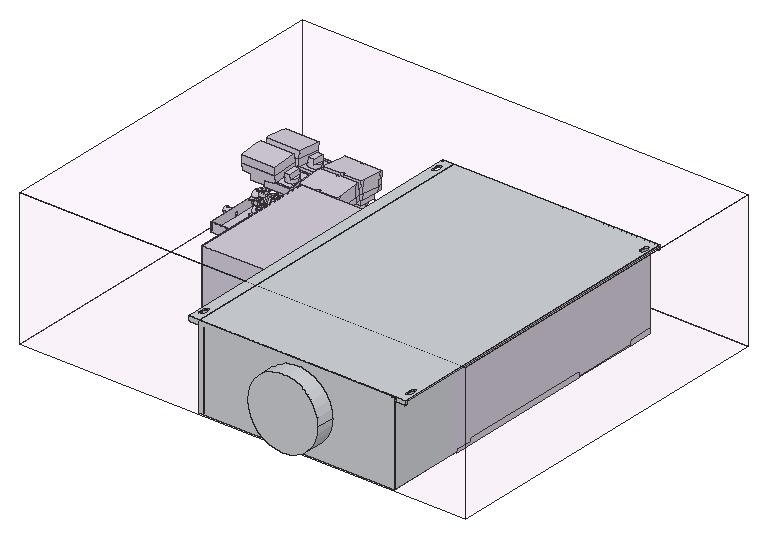
Revit family "02 - MAT235 - 200 DIS - Belimo ePIV Valves (With Bypass)", category Mechanical Equipment, host Ceiling, Revit 2018
Family settings
  Host = Ceiling
  Round Connector Dimension = Use Diameter
  Part Type = Normal
  OmniClass Number = 23.75.00.00
  OmniClass Title = Climate Control (HVAC)
  Always vertical = Yes
  Cut with Voids When Loaded = No
  Shared = No
  Room Calculation Point = No
Parameters (values of type "MAT235 - Size 100 LH")
  ∆P Htg Coil = 0.0 Pa
  ∆P Cooling Coil = 0.0 Pa
  Winter off Coil Temp. = 0 °C
  Winter Room Temp. = 0 °C
  Winter On Coil Temp. = 0 °C
  Winter Fresh Air Temp. = 0 °C
  URL = "http://www.abilityprojects.com/sites/www.abilityprojects.co.uk/files/EVO%20Brochure%20270235%20Jan%202013%20Ed4%20selection%20pages%20removed%20reduced_0.pdf"
  Temperature Controller = no
  Summer off Coil Temp. = 0 °C
  Summer Room Temp. = 0 °C
  Summer On Coil Temp. = 0 °C
  Summer Fresh Air Temp. = 0 °C
  Starting Method = "Soft Start"
  Discharge Spigot B In Use [instance] = no
  Intake Width = FCU Width - 86.00 mm  # 530.00 mm
  Intake Height = FCU Depth - 30.00 mm  # 205.00 mm
  Discharge Spigot A In Use [instance] = no
  Speed Selection Controller = no
  Specific Fan Power = 0
  Sound Transmission (NR) = 0
  Shipping Weight = 0.00 kg
  Room Air Temperature Sensor = no
  Right Side Clearance = if(RH Components Visible, Con Pan Length + 30.00 mm + Access Clearance Right, 10.00 mm)  # 10.00 mm
  Return Air Temperature Sensor = no
  RH Components Visible = no
  Product Model Number (Code) [instance] = ""
  Primary Filter = "G3"
  Pipe Connection Type = "Screw"
  Overall Width = FCU Width + Con Pan Length + 30.00 mm  # 1102.00 mm
  Overall Length = FCU Length  # 900.00 mm
  Overall Height = FCU Depth  # 235.00 mm
  Outlet Connection Width = 0.00 mm
  Outlet Connection Shape = "Circular"  # constant formula
  Outlet Connection Dia/Height = 200.00 mm  # constant formula
  Operating Weight = 0.00 kg
  No of Outlet Connections = 1
  Motor Type = "EC"
  Motor Enclosure Rating = "IP42"
  Model = "MAT235"  # constant formula
  Max Ext Press. = 0.0 Pa
  Mat Thickness Pos = 1.20 mm
  Mat Thickness Neg = -1 * Mat Thickness Pos  # -1.20 mm
  Manufacturer = "Ability Projects"
  Low Voltage Transformer = no
  Left Side Clearance = if(LH Components Visible, Con Pan Length + 30.00 mm + Access Clearance Left, 10.00 mm)  # 636.00 mm
  LTHW Coil Flow = 0.0 L/s
  LTHW Coil Connection Size = 15.00 mm
  LPHW Return Temp. = 0 °C
  LPHW Flow Temperature = 0 °C
  LH Components Visible = yes
  Internet Address = "http://www.abilityprojects.com"
  Inlet Plenum = no
  Inlet Connection Width = 0.00 mm
  Inlet Connection Shape = "N/A"
  Inlet Connection Dia/Height = 0.00 mm
  Incoming Supply Phase = 1
  Incoming Supply Electrical Voltage = 230 V
  Incoming Supply Electrical Frequency = 50 Hz
  Heating Coil Duty Range = 0 W
  Heating Coil Configuration [instance] = "LTHW"
  Heating Coil [instance] = yes
  Handing = "LH"
  Fan Type = "Double Inlet Centrifugal"
  FCU Width = 616.00 mm
  FCU Length = 900.00 mm
  FCU Drop [instance] = 150.00 mm
  FCU Depth = 235.00 mm  # constant formula
  Enclosure Height (Model) = Electrical Enclosure Height - Mat Thickness Pos  # 208.80 mm
  Enclosure Depth (Model) = Electrical Enclosure Depth - Mat Thickness Pos  # 213.80 mm
  Electrical Supply Current (Max) = 0 A
  Electrical Power Consumption = 0 W
  Electrical Enclosure Width = 350.00 mm
  Electrical Enclosure Height = 210.00 mm
  Electrical Enclosure Depth = 215.00 mm
  Earth Connector = yes
  Drain Cut Size = Drain Connection Size - 2.00 mm  # 13.00 mm
  Drain Connection Size = 15.00 mm
  Description = "Ceiling Mounted 235mm Deep Horizontal Fan Coil Unit"  # constant formula
  DS_B [instance] = if(S_No > 1, Discharge Spigot B In Use, if(and(S_No = 1, not(Discharge Spigot A In Use)), Discharge Spigot B In Use, 1 = 0))  # no
  DS_A [instance] = if(S_No > 1, Discharge Spigot A In Use, if(and(S_No = 1, not(Discharge Spigot B In Use)), Discharge Spigot A In Use, 1 = 0))  # no
  DS_5 [instance] = if(S_No < 5, 1 = 0, if(and(S_No = 5, DS_B), 1 = 0, 1 = 1))  # no
  DS_4 [instance] = if(S_No < 4, 1 = 0, if(and(S_No = 4, DS_B), 1 = 0, 1 = 1))  # no
  DS_3 [instance] = if(S_No < 3, 1 = 0, if(and(S_No = 3, DS_B), 1 = 0, 1 = 1))  # no
  DS_2 [instance] = if(S_No < 2, 1 = 0, if(and(S_No = 2, DS_B), 1 = 0, 1 = 1))  # no
  DS_1 [instance] = if(or(S_No < 1, DS_A), 1 = 0, if(and(S_No = 1, DS_B), 1 = 0, 1 = 1))  # yes
  Cooling Coil Duty (Total) = 0 W
  Cooling Coil Duty (Sensible) = 0 W
  Cooling Coil [instance] = yes
  Controls Connection = no
  Control Valves & Actuators = no
  Configuration = "Horizontal"
  Condensate Tray = yes
  Condensate Lift Pump [instance] = no
  Condensate Drain Max Flow = 0.0 L/s
  Condensate Drain Connection Size = Drain Connection Size  # 15.00 mm
  Con Pan Length = 156.00 mm + Con Pan Extension  # 456.00 mm
  Con Pan Extension = 300.00 mm  # constant formula
  Circular Spigot Spacing = round(((FCU Width - 60.00 mm) / S_No) / 5.00 mm) * 5.00 mm  # 555.00 mm
  Circular Spigot Position = if(S_No < 2, (FCU Width / 2), (FCU Width - (Circular Spigot Spacing * (S_No - 1))) / 2)  # 308.00 mm
  S_No = No of Outlet Connections  # 1
  Ch.W Coil Flow = 0.0 L/s
  Ch.W Coil Connection Size = 15.00 mm
  CHW Return Temp. = 0 °C
  CHW Flow Temp. = 0 °C
  BMS Addressable Controller = no
  Assembly Code = "D3050100"
  Air Flow Rate = 0.0 L/s
  Access Clearance Visible [instance] = yes
  Access Clearance Top = 0.00 mm
  Access Clearance Right = 150.00 mm
  Access Clearance Rear = 300.00 mm
  Access Clearance Left = 150.00 mm
  Access Clearance Front = 300.00 mm
  Access Clearance Bottom = 150.00 mm
Reference planes
  plane 1 "Center (Front/Back)": y = 0
  plane 2: z = 0
  plane 3 "Center (Left/Right)": x = 0
  plane 4 "Ceiling": z = 4000
  plane 5 "FCU Front": y = -450
  plane 6 "FCU End": y = 450
  plane 7 "FCU Left Side": x = -308
  plane 8 "FCU Right Side": x = 308
  plane 9 "Back Panel": z = 3850
  plane 10 "Access Panel": z = 3615
  plane 11: z = 3848.8
  plane 12 "Chassis Left": x = -278
  plane 13 "Chassis Right": x = 278
  plane 14 "Coil (Filter Side)": y = 377
  plane 15 "Coil (Fan Side)": y = 200
  plane 16 "Discharge Plenum": y = -240
  plane 17: y = 288.5
  plane 18 "Coil CLG": y = 321.5
  plane 19 "Coil HTG": y = 255.5
  plane 20 "Coil RET": z = 3715
  plane 21 "Coil FLOW": z = 3675
  plane 22: x = -388
  plane 23: x = -764
  plane 24: x = 388
  plane 25: x = 764
  plane 26: z = 3465
  plane 27: x = 0
  plane 28 "Spigot Centre Plan": z = 3732.5
Forms (mm)
  Extrusion 1, solid
    sketch origin (0, 0, 0) x (1, 0, 0) y (0, 1, 0)
      loop
        line (-308, 450) -> (-308, -448.8) -> (308, -448.8) -> (308, 450) -> (-308, 450)
    from 3848.8 to 3850
  Extrusion 2, solid
    sketch origin (308, -448.8, 0) x (-1, 0, 0) y (0, 0, -1)
      loop
        line (0, -3850) -> (616, -3850) -> (616, -3842)
        arc (616, -3842) -> (614.536, -3838.464) -> (611, -3837) r 5
        line (611, -3837) -> (5, -3837)
        arc (5, -3837) -> (1.464, -3838.464) -> (0, -3842) r 5
        line (0, -3842) -> (0, -3850)
    from 0 to -1.2 <- "Mat Thickness Neg"
  Extrusion 3, solid
    sketch origin (-308, 450, 0) x (1, 0, 0) y (0, 0, -1)
      loop
        line (0, -3850) -> (616, -3850) -> (616, -3842)
        arc (616, -3842) -> (614.536, -3838.464) -> (611, -3837) r 5
        line (611, -3837) -> (5, -3837)
        arc (5, -3837) -> (1.464, -3838.464) -> (0, -3842) r 5
        line (0, -3842) -> (0, -3850)
    from 0 to -1.2 <- "Mat Thickness Neg"
  Extrusion 4, solid
    sketch origin (278, 0, 0) x (0, 1, 0) y (0, 0, 1)
      loop
        line (-447.6, 3848.8) -> (-447.6, 3837) -> (-448.8, 3837) -> (-448.8, 3616.2) -> (450, 3616.2) -> (450, 3837) -> (448.8, 3837) -> (448.8, 3848.8) -> (-447.6, 3848.8)
    from 0 to 1.2 <- "Mat Thickness Pos"
  Extrusion 5, solid
    sketch origin (-278, 0, 0) x (0, 1, 0) y (0, 0, 1)
      loop
        line (-447.6, 3848.8) -> (-447.6, 3837) -> (-448.8, 3837) -> (-448.8, 3616.2) -> (450, 3616.2) -> (450, 3837) -> (448.8, 3837) -> (448.8, 3848.8) -> (-447.6, 3848.8)
    from 0 to -1.2 <- "Mat Thickness Neg"
  Extrusion 6, solid
    sketch origin (278, -447.6, 3848.8) x (0, 1, 0) y (-1, 0, 0)
      loop
        line (896.4, 0) -> (0, 0) -> (0, -25)
        arc (0, -25) -> (1.464, -28.536) -> (5, -30) r 5
        line (5, -30) -> (891.4, -30)
        arc (891.4, -30) -> (894.936, -28.536) -> (896.4, -25) r 5
        line (896.4, -25) -> (896.4, 0)
    from 0 to -1.2 <- "Mat Thickness Neg"
  Extrusion 7, solid
    sketch origin (-278, -447.6, 3848.8) x (0, 1, 0) y (-1, 0, 0)
      loop
        line (0, 0) -> (896.4, 0) -> (896.4, 25)
        arc (896.4, 25) -> (894.936, 28.536) -> (891.4, 30) r 5
        line (891.4, 30) -> (5, 30)
        arc (5, 30) -> (1.464, 28.536) -> (0, 25) r 5
        line (0, 25) -> (0, 0)
    from 0 to -1.2
  Extrusion 8, solid
    sketch origin (279.2, 0, 0) x (0, 1, 0) y (0, 0, 1)
      loop
        line (-448.8, 3837) -> (-448.8, 3616.2) -> (450, 3616.2) -> (450, 3837) -> (448.8, 3837) -> (448.8, 3617.4) -> (-447.6, 3617.4) -> (-447.6, 3837) -> (-448.8, 3837)
    from 0 to -14
  Extrusion 9, solid
    sketch origin (-279.2, 0, 0) x (0, -1, 0) y (0, 0, 1)
      loop
        line (-450, 3837) -> (-450, 3616.2) -> (448.8, 3616.2) -> (448.8, 3837) -> (447.6, 3837) -> (447.6, 3617.4) -> (-448.8, 3617.4) -> (-448.8, 3837) -> (-450, 3837)
    from 0 to -14
  Extrusion 10, solid
    sketch origin (308, -448.8, 0) x (-1, 0, 0) y (0, 0, -1)
      loop
        arc (581, -3848.8) -> (584.536, -3847.336) -> (586, -3843.8) r 5
        line (586, -3843.8) -> (586, -3616.2) -> (30, -3616.2) -> (30, -3843.8)
        arc (30, -3843.8) -> (31.464, -3847.336) -> (35, -3848.8) r 5
        line (35, -3848.8) -> (581, -3848.8)
    from 0 to 1.2
  Extrusion 11, solid
    sketch origin (278, -448.8, 3616.2) x (0, 1, 0) y (1, 0, 0)
      loop
        line (208.8, -551) -> (208.8, -5)
        arc (208.8, -5) -> (207.336, -1.464) -> (203.8, 0) r 5
        line (203.8, 0) -> (-1.2, 0) -> (-1.2, -556) -> (203.8, -556)
        arc (203.8, -556) -> (207.336, -554.536) -> (208.8, -551) r 5
    from 0 to 1.2
  Extrusion 12, solid
    sketch origin (-273, -240, 3616.2) x (1, 0, 0) y (0, 0, -1)
      loop
        line (537.2, 1.2) -> (8.8, 1.2) -> (8.8, -13.8) -> (537.2, -13.8) -> (537.2, 1.2)
    from 0 to -1.2 <- "Mat Thickness Neg"
  Extrusion 13, solid
    sketch origin (278, -448.8, 3615) x (-1, 0, 0) y (0, 1, 0)
      loop
        line (557.2, 213.8) -> (557.2, 645.8) -> (-1.2, 645.8) -> (-1.2, 213.8) -> (557.2, 213.8)
    from 0 to -1.2
  Extrusion 14, solid
    sketch origin (-279.2, -235, 3615) x (1, 0, 0) y (0, 0, 1)
      loop
        line (15, 0) -> (543.4, 0) -> (543.4, 16) -> (15, 16) -> (15, 0)
    from 0 to 1.2 <- "Mat Thickness Pos"
  Extrusion 15, solid
    sketch origin (264.2, -235, 3631) x (-1, 0, 0) y (0, -1, 0)
      loop
        line (528.4, 0) -> (528.4, 7)
        arc (528.4, 7) -> (526.936, 10.536) -> (523.4, 12) r 5
        line (523.4, 12) -> (5, 12)
        arc (5, 12) -> (1.464, 10.536) -> (0, 7) r 5
        line (0, 7) -> (0, 0) -> (528.4, 0)
    from 0 to 1.2 <- "Mat Thickness Pos"
  Extrusion 16, solid
    sketch origin (279.2, 197, 3615) x (-1, 0, 0) y (0, 0, 1)
      loop
        line (15, 0) -> (543.4, 0) -> (543.4, 35) -> (15, 35) -> (15, 0)
    from 0 to 1.2 <- "Mat Thickness Pos"
  Extrusion 17, solid
    sketch origin (-264.2, 197, 3650) x (1, 0, 0) y (0, 1, 0)
      loop
        line (0, 1.2) -> (0, -7)
        arc (0, -7) -> (1.464, -10.536) -> (5, -12) r 5
        line (5, -12) -> (523.4, -12)
        arc (523.4, -12) -> (526.936, -10.536) -> (528.4, -7) r 5
        line (528.4, -7) -> (528.4, 1.2) -> (0, 1.2)
    from 0 to -1.2 <- "Mat Thickness Neg"
  Extrusion 18, solid
    sketch origin (279.2, -235, 3615) x (0, 1, 0) y (0, 0, 1)
      loop
        line (0, 0) -> (432, 0) -> (432, 10)
        arc (432, 10) -> (430.536, 13.536) -> (427, 15) r 5
        line (427, 15) -> (55, 15)
        arc (55, 15) -> (51.464, 13.536) -> (50, 10) r 5
        line (50, 10) -> (50, 8)
        arc (50, 8) -> (49.707, 7.293) -> (49, 7) r 1
        line (49, 7) -> (5, 7)
        arc (5, 7) -> (1.464, 5.536) -> (0, 2) r 5
        line (0, 2) -> (0, 0)
    from 0 to 1.2 <- "Mat Thickness Pos"
  Extrusion 19, solid
    sketch origin (278, -448.8, 3616.2) x (1, 0, 0) y (0, -1, 0)
      loop
        line (-557.2, -897.6) -> (1.2, -897.6) -> (1.2, -828.8) -> (-557.2, -828.8) -> (-557.2, -897.6)
    from 0 to 1.2
  Extrusion 20, solid
    sketch origin (279.2, 380, 3616.2) x (-1, 0, 0) y (0, 0, -1)
      loop
        line (543.4, 1.2) -> (15, 1.2) -> (15, -33.8) -> (543.4, -33.8) -> (543.4, 1.2)
    from 0 to 1.2 <- "Mat Thickness Pos"
  Extrusion 21, solid
    sketch origin (-279.2, 448.8, 3616.2) x (1, 0, 0) y (0, 0, -1)
      loop
        line (543.4, 1.2) -> (15, 1.2) -> (15, -12.8) -> (543.4, -12.8) -> (543.4, 1.2)
    from 0 to 1.2
  Extrusion 22, solid
    sketch origin (279.2, 448.8, 3616.2) x (0, -1, 0) y (0, 0, -1)
      loop
        line (68.8, -8.8) -> (68.8, 1.2) -> (0, 1.2) -> (0, -8.8)
        arc (0, -8.8) -> (1.464, -12.336) -> (5, -13.8) r 5
        line (5, -13.8) -> (63.8, -13.8)
        arc (63.8, -13.8) -> (67.336, -12.336) -> (68.8, -8.8) r 5
    from 0 to 1.2 <- "Mat Thickness Pos"
  Extrusion 23, solid
    sketch origin (-279.2, 380, 3616.2) x (0, 1, 0) y (0, 0, -1)
      loop
        line (68.8, 1.2) -> (0, 1.2) -> (0, -8.8)
        arc (0, -8.8) -> (1.464, -12.336) -> (5, -13.8) r 5
        line (5, -13.8) -> (63.8, -13.8)
        arc (63.8, -13.8) -> (67.336, -12.336) -> (68.8, -8.8) r 5
        line (68.8, -8.8) -> (68.8, 1.2)
    from 0 to 1.2 <- "Mat Thickness Pos"
  Extrusion 24, solid, visible <- "RH Components Visible"
    sketch origin (0, 200, 0) x (-1, 0, 0) y (0, 0, 1)
      loop
        line (-308, 3847.6) -> (-308, 3640)
        arc (-308, 3640) -> (-306.536, 3636.464) -> (-303, 3635) r 5
        line (-303, 3635) -> (-279.2, 3635) -> (-279.2, 3847.6) -> (-308, 3847.6)
    from 0 to -1.2 <- "Mat Thickness Neg"
  Extrusion 25, solid, visible <- "RH Components Visible"
    sketch origin (0, 377, 0) x (-1, 0, 0) y (0, 0, 1)
      loop
        line (-303, 3635) -> (-279.2, 3635) -> (-279.2, 3847.6) -> (-308, 3847.6) -> (-308, 3640)
        arc (-308, 3640) -> (-306.536, 3636.464) -> (-303, 3635) r 5
    from 0 to 1.2 <- "Mat Thickness Pos"
  Extrusion 26, solid, visible <- "LH Components Visible"
    sketch origin (0, 200, 0) x (-1, 0, 0) y (0, 0, 1)
      loop
        line (279.2, 3847.6) -> (279.2, 3635) -> (303, 3635)
        arc (303, 3635) -> (306.536, 3636.464) -> (308, 3640) r 5
        line (308, 3640) -> (308, 3847.6) -> (279.2, 3847.6)
    from 0 to -1.2
  Extrusion 27, solid, visible <- "LH Components Visible"
    sketch origin (0, 377, 0) x (-1, 0, 0) y (0, 0, 1)
      loop
        line (279.2, 3847.6) -> (279.2, 3635) -> (303, 3635)
        arc (303, 3635) -> (306.536, 3636.464) -> (308, 3640) r 5
        line (308, 3640) -> (308, 3847.6) -> (279.2, 3847.6)
    from 0 to 1.2
  Extrusion 28, solid, visible <- "LH Components Visible"
    sketch origin (-279.2, 0, 0) x (0, -1, 0) y (0, 0, 1)
      loop
        line (-335.5, 3847.6) -> (-335.5, 3640) -> (-241.5, 3640) -> (-241.5, 3847.6) -> (-335.5, 3847.6)
    from 0 to 10
  Extrusion 29, solid, visible <- "LH Components Visible"
    sketch origin (-289.2, 0, 0) x (0, -1, 0) y (0, 0, 1)
      loop
        circle (-321.5, 3675) r 7.5
      loop
        circle (-321.5, 3715) r 7.5
      loop
        circle (-255.5, 3715) r 7.5
      loop
        circle (-255.5, 3675) r 7.5
    from 0 to 35
  Extrusion 30, solid, visible <- "LH Components Visible"
    sketch origin (-324.2, 0, 0) x (0, -1, 0) y (0, 0, 1)
      loop
        line (-241.5, 3666) -> (-241.5, 3724) -> (-246.5, 3729) -> (-330.5, 3729) -> (-335.5, 3724) -> (-335.5, 3666) -> (-330.5, 3661) -> (-246.5, 3661) -> (-241.5, 3666)
    from 0 to -1.2 <- "Mat Thickness Neg"
  Extrusion 31, solid, visible <- "LH Components Visible"
    sketch origin (-324.2, 0, 0) x (0, -1, 0) y (0, 0, 1)
      loop
        circle (-321.5, 3715) r 7.5
      loop
        circle (-321.5, 3715) r 6.5
      loop
        circle (-321.5, 3675) r 7.5
      loop
        circle (-321.5, 3675) r 6.5
      loop
        circle (-255.5, 3675) r 7.5
      loop
        circle (-255.5, 3675) r 6.5
      loop
        circle (-255.5, 3715) r 7.5
      loop
        circle (-255.5, 3715) r 6.5
    from 0 to 63.8
  Extrusion 32, solid, visible <- "LH Components Visible"
    sketch origin (-279.2, 0, 0) x (0, -1, 0) y (0, 0, 1)
      loop
        line (-377, 3643.5) -> (-377, 3617.5) -> (-200, 3617.5) -> (-200, 3643.5) -> (-201.2, 3643.5) -> (-201.2, 3618.7) -> (-375.8, 3618.7) -> (-375.8, 3643.5) -> (-377, 3643.5)
    from 0 to 484.8
  Extrusion 33, solid, visible <- "LH Components Visible"
    sketch origin (-764, 0, 0) x (0, -1, 0) y (0, 0, 1)
      loop
        line (-377, 3617.5) -> (-200, 3617.5) -> (-200, 3643.5) -> (-377, 3643.5) -> (-377, 3617.5)
    from 0 to -1.2
  Extrusion 34, void
    sketch origin (-764, 0, 0) x (0, 1, 0) y (0, 0, 1)
      loop
        circle (288.5, 3625.2) r 6.5
    from 0 to 1.2
  Extrusion 35, solid, visible <- "RH Components Visible"
    sketch origin (279.2, 0, 0) x (0, 1, 0) y (0, 0, 1)
      loop
        line (241.5, 3847.6) -> (241.5, 3640) -> (335.5, 3640) -> (335.5, 3847.6) -> (241.5, 3847.6)
    from 0 to 10
  Extrusion 36, solid, visible <- "RH Components Visible"
    sketch origin (289.2, 0, 0) x (0, 1, 0) y (0, 0, 1)
      loop
        circle (321.5, 3715) r 7.5
      loop
        circle (255.5, 3715) r 7.5
      loop
        circle (321.5, 3675) r 7.5
      loop
        circle (255.5, 3675) r 7.5
    from 0 to 35
  Extrusion 37, solid, visible <- "RH Components Visible"
    sketch origin (324.2, 0, 0) x (0, 1, 0) y (0, 0, 1)
      loop
        line (330.5, 3729) -> (246.5, 3729) -> (241.5, 3724) -> (241.5, 3666) -> (246.5, 3661) -> (330.5, 3661) -> (335.5, 3666) -> (335.5, 3724) -> (330.5, 3729)
    from 0 to -1.2 <- "Mat Thickness Neg"
  Extrusion 38, solid, visible <- "RH Components Visible"
    sketch origin (324.2, 0, 0) x (0, 1, 0) y (0, 0, 1)
      loop
        circle (255.5, 3715) r 7.5
      loop
        circle (255.5, 3715) r 6.5
      loop
        circle (321.5, 3715) r 7.5
      loop
        circle (321.5, 3715) r 6.5
      loop
        circle (255.5, 3675) r 7.5
      loop
        circle (255.5, 3675) r 6.5
      loop
        circle (321.5, 3675) r 7.5
      loop
        circle (321.5, 3675) r 6.5
    from 0 to 63.8
  Extrusion 39, solid, visible <- "RH Components Visible"
    sketch origin (279.2, 0, 0) x (0, 1, 0) y (0, 0, 1)
      loop
        line (200, 3617.5) -> (377, 3617.5) -> (377, 3643.5) -> (375.8, 3643.5) -> (375.8, 3618.7) -> (201.2, 3618.7) -> (201.2, 3643.5) -> (200, 3643.5) -> (200, 3617.5)
    from 0 to 484.8
  Extrusion 40, solid, visible <- "RH Components Visible"
    sketch origin (764, 0, 0) x (0, 1, 0) y (0, 0, 1)
      loop
        line (200, 3617.5) -> (377, 3617.5) -> (377, 3643.5) -> (200, 3643.5) -> (200, 3617.5)
    from 0 to -1.2
  Extrusion 41, void
    sketch origin (764, 0, 0) x (0, -1, 0) y (0, 0, 1)
      loop
        circle (-288.5, 3625.2) r 6.5
    from 0 to 1.2
  Extrusion 42, solid, visible <- "LH Components Visible"
    sketch origin (-764, 0, 0) x (0, -1, 0) y (0, 0, 1)
      loop
        circle (-288.5, 3625.2) r 6.5
      loop
        circle (-288.5, 3625.2) r 7.5
    from 0 to 30
  Extrusion 43, solid, visible <- "RH Components Visible"
    sketch origin (764, 0, 0) x (0, 1, 0) y (0, 0, 1)
      loop
        circle (288.5, 3625.2) r 6.5
      loop
        circle (288.5, 3625.2) r 7.5
    from 0 to 30
  Extrusion 44, solid
    sketch origin (-279.2, 450, 3616.2) x (1, 0, 0) y (0, 0, -1)
      loop
        line (14, -12.8) -> (14, -220.8) -> (544.4, -220.8) -> (544.4, -12.8) -> (14, -12.8)
    from 0 to -1.2
  Extrusion 45, solid, visible <- "RH Components Visible"
    sketch origin (279.2, 0, 0) x (0, 1, 0) y (0, 0, 1)
      loop
        line (-170, 3840) -> (-170, 3631.2) -> (180, 3631.2) -> (180, 3840) -> (-170, 3840)
    from 0 to 213.8 <- "Enclosure Depth (Model)"
  Extrusion 46, solid, visible <- "RH Components Visible"
    sketch origin (493, 0, 0) x (0, 1, 0) y (0, 0, 1)
      loop
        line (-170, 3833.8) -> (-170, 3631.2) -> (180, 3631.2) -> (180, 3833.8)
        arc (180, 3833.8) -> (178.536, 3837.336) -> (175, 3838.8) r 5
        line (175, 3838.8) -> (-165, 3838.8)
        arc (-165, 3838.8) -> (-168.536, 3837.336) -> (-170, 3833.8) r 5
    from 0 to 1.2 <- "Mat Thickness Pos"
  Extrusion 47, solid, visible <- "RH Components Visible"
    sketch origin (493, -170, 3631.2) x (1, 0, 0) y (0, -1, 0)
      loop
        line (1.2, -350) -> (1.2, 0) -> (-153.8, 0)
        arc (-153.8, 0) -> (-157.336, -1.464) -> (-158.8, -5) r 5
        line (-158.8, -5) -> (-158.8, -345)
        arc (-158.8, -345) -> (-157.336, -348.536) -> (-153.8, -350) r 5
        line (-153.8, -350) -> (1.2, -350)
    from 0 to 1.2 <- "Mat Thickness Pos"
  Extrusion 48, solid, visible <- "LH Components Visible"
    sketch origin (-279.2, 0, 0) x (0, -1, 0) y (0, 0, 1)
      loop
        line (170, 3840) -> (-180, 3840) -> (-180, 3631.2) -> (170, 3631.2) -> (170, 3840)
    from 0 to 213.8 <- "Enclosure Depth (Model)"
  Extrusion 49, solid, visible <- "LH Components Visible"
    sketch origin (-493, 0, 0) x (0, -1, 0) y (0, 0, 1)
      loop
        line (165, 3838.8) -> (-175, 3838.8)
        arc (-175, 3838.8) -> (-178.536, 3837.336) -> (-180, 3833.8) r 5
        line (-180, 3833.8) -> (-180, 3631.2) -> (170, 3631.2) -> (170, 3833.8)
        arc (170, 3833.8) -> (168.536, 3837.336) -> (165, 3838.8) r 5
    from 0 to 1.2 <- "Mat Thickness Pos"
  Extrusion 50, solid, visible <- "LH Components Visible"
    sketch origin (-279.2, 180, 3631.2) x (-1, 0, 0) y (0, 1, 0)
      loop
        line (215, 0) -> (60, 0)
        arc (60, 0) -> (56.464, -1.464) -> (55, -5) r 5
        line (55, -5) -> (55, -345)
        arc (55, -345) -> (56.464, -348.536) -> (60, -350) r 5
        line (60, -350) -> (215, -350) -> (215, 0)
    from 0 to 1.2 <- "Mat Thickness Pos"
  Extrusion 51, solid, visible <- "LH Components Visible"
    sketch origin (279.2, 180, 3631.2) x (-1, 0, 0) y (0, 1, 0)
      loop
        line (609.25, -276) -> (577.25, -276) -> (577.25, -290) -> (609.25, -290) -> (609.25, -276)
    from 0 to 2
  Extrusion 52, solid, visible <- "LH Components Visible"
    sketch origin (279.2, 180, 3629.2) x (0, -1, 0) y (-1, 0, 0)
      loop
        line (278.8, 606.25) -> (278.8, 580.25) -> (287.2, 580.25) -> (287.2, 606.25) -> (278.8, 606.25)
    from 0 to 5
  Extrusion 53, void
    sketch origin (-301.05, -107.2, 3629.2) x (1, 0, 0) y (0, 0, -1)
      loop
        line (-6.95, 4) -> (0, 1.5) -> (0, 5) -> (-26, 5) -> (-26, 1) -> (-8.95, 4) -> (-6.95, 4)
    from 0 to 8.4
  Extrusion 54, solid, visible <- "RH Components Visible"
    sketch origin (279.2, 180, 3631.2) x (-1, 0, 0) y (0, 1, 0)
      loop
        line (-18.85, -60) -> (-50.85, -60) -> (-50.85, -74) -> (-18.85, -74) -> (-18.85, -60)
    from 0 to 2
  Extrusion 55, solid, visible <- "RH Components Visible"
    sketch origin (279.2, 180, 3629.2) x (0, -1, 0) y (-1, 0, 0)
      loop
        line (62.8, -21.85) -> (62.8, -47.85) -> (71.2, -47.85) -> (71.2, -21.85) -> (62.8, -21.85)
    from 0 to 5
  Extrusion 56, void
    sketch origin (327.05, 108.8, 3629.2) x (1, 0, 0) y (0, 0, -1)
      loop
        line (-19.05, 4) -> (-17.05, 4) -> (0, 1) -> (0, 5) -> (-26, 5) -> (-26, 1.5) -> (-19.05, 4)
    from 0 to 8.4
  Extrusion 57, void
    sketch origin (-279.2, 180, 3631.2) x (0, 1, 0) y (-1, 0, 0)
      loop
        circle (-319, 43) r 7.95
      loop
        circle (-31, 43) r 7.95
      loop
        circle (-86, 35) r 10.5
      loop
        circle (-134, 35) r 7.95
    from 0 to 1.2 <- "Mat Thickness Pos"
  Extrusion 58, void
    sketch origin (279.2, 180, 3631.2) x (0, 1, 0) y (-1, 0, 0)
      loop
        circle (-319, -43) r 7.95
      loop
        circle (-31, -43) r 7.95
      loop
        circle (-264, -35) r 10.5
      loop
        circle (-216, -35) r 7.95
    from 0 to 1.2 <- "Mat Thickness Pos"
  Extrusion 59, solid
    sketch origin (278, -448.8, 3615) x (0, -1, 0) y (-1, 0, 0)
      loop
        line (-825.8, 557.2) -> (-825.8, -1.2) -> (-648.8, -1.2) -> (-648.8, 557.2) -> (-825.8, 557.2)
    from 0 to -1.2
  Extrusion 60, void
    sketch origin (308, -448.8, 3850) x (0, -1, 0) y (-1, 0, 0)
      loop
        line (-29.3, 21.25) -> (-43.3, 21.25)
        arc (-43.3, 21.25) -> (-50.05, 14.5) -> (-43.3, 7.75) r 6.75
        line (-43.3, 7.75) -> (-29.3, 7.75)
        arc (-29.3, 7.75) -> (-22.55, 14.5) -> (-29.3, 21.25) r 6.75
      loop
        line (-29.3, 608.25) -> (-43.3, 608.25)
        arc (-43.3, 608.25) -> (-50.05, 601.5) -> (-43.3, 594.75) r 6.75
        line (-43.3, 594.75) -> (-29.3, 594.75)
        arc (-29.3, 594.75) -> (-22.55, 601.5) -> (-29.3, 608.25) r 6.75
      loop
        line (-854.3, 21.25) -> (-868.3, 21.25)
        arc (-868.3, 21.25) -> (-875.05, 14.5) -> (-868.3, 7.75) r 6.75
        line (-868.3, 7.75) -> (-854.3, 7.75)
        arc (-854.3, 7.75) -> (-847.55, 14.5) -> (-854.3, 21.25) r 6.75
      loop
        line (-854.3, 608.25) -> (-868.3, 608.25)
        arc (-868.3, 608.25) -> (-875.05, 601.5) -> (-868.3, 594.75) r 6.75
        line (-868.3, 594.75) -> (-854.3, 594.75)
        arc (-854.3, 594.75) -> (-847.55, 601.5) -> (-854.3, 608.25) r 6.75
    from 0 to 2.4
  Extrusion 61, solid, material "Access Zone", visible <- "Access Clearance Visible"
    sketch origin (0, 0, 0) x (1, 0, 0) y (0, 1, 0)
      loop
        line (-944, 750) -> (-944, -250) -> (318, -250) -> (318, 750) -> (-944, 750)
    from 3465 to 3850
  Extrusion 62, solid
    sketch origin (-279.2, 197, 3615) x (0, -1, 0) y (0, 0, 1)
      loop
        line (0, 0) -> (432, 0) -> (432, 2)
        arc (432, 2) -> (430.536, 5.536) -> (427, 7) r 5
        line (427, 7) -> (383, 7)
        arc (383, 7) -> (382.293, 7.293) -> (382, 8) r 1
        line (382, 8) -> (382, 10)
        arc (382, 10) -> (380.536, 13.536) -> (377, 15) r 5
        line (377, 15) -> (5, 15)
        arc (5, 15) -> (1.464, 13.536) -> (0, 10) r 5
        line (0, 10) -> (0, 0)
    from 0 to 1.2
Cuts and joins
  Extrusion 60 cuts Extrusion 1
  Extrusion 60 cuts Extrusion 2
  Extrusion 60 cuts Extrusion 3
  joined: Extrusion 1, Extrusion 2, Extrusion 3
  Extrusion 41, Extrusion 60 cuts Extrusion 4
  Extrusion 41, Extrusion 60 cuts Extrusion 6
  Extrusion 41, Extrusion 60 cuts Extrusion 8
  joined: Extrusion 4, Extrusion 6, Extrusion 8
  Extrusion 34, Extrusion 60 cuts Extrusion 5
  Extrusion 34, Extrusion 60 cuts Extrusion 7
  Extrusion 34, Extrusion 60 cuts Extrusion 9
  joined: Extrusion 5, Extrusion 7, Extrusion 9
  joined: Extrusion 10, Extrusion 11, Extrusion 12
  joined: Extrusion 13, Extrusion 14, Extrusion 15, Extrusion 16, Extrusion 17, Extrusion 18, Extrusion 62
  joined: Extrusion 19, Extrusion 20, Extrusion 21, Extrusion 22, Extrusion 23
  joined: Extrusion 29, Extrusion 30, Extrusion 31
  Extrusion 34 cuts Extrusion 32
  Extrusion 34 cuts Extrusion 33
  joined: Extrusion 32, Extrusion 33
  joined: Extrusion 36, Extrusion 37, Extrusion 38
  Extrusion 41 cuts Extrusion 39
  Extrusion 41 cuts Extrusion 40
  joined: Extrusion 39, Extrusion 40
  joined: Extrusion 46, Extrusion 47
  joined: Extrusion 49, Extrusion 50
  Extrusion 53 cuts Extrusion 52
  Extrusion 56 cuts Extrusion 55
  Extrusion 57 cuts Extrusion 48
  Extrusion 58 cuts Extrusion 45
Dimensions and locks
  equal spacing: host sketch curve, plane 3 "Center (Left/Right)", host sketch curve
  equal spacing: host sketch curve, plane 1 "Center (Front/Back)", host sketch curve
  host sketch curve to host sketch curve = 4000.00 mm  (x2)
  plane 4 "Ceiling" to host ceiling = 0.00 mm
  equal spacing: plane 6 "FCU End", plane 1 "Center (Front/Back)", plane 5 "FCU Front"
  "FCU Length": plane 6 "FCU End" to plane 5 "FCU Front"
  equal spacing: plane 7 "FCU Left Side", plane 3 "Center (Left/Right)", plane 8 "FCU Right Side"
  "FCU Width": plane 7 "FCU Left Side" to plane 8 "FCU Right Side"
  "Mat Thickness Pos": Extrusion 1 sketch curve to plane 5 "FCU Front"
  "FCU Drop": plane 4 "Ceiling" to plane 9 "Back Panel"
  "FCU Depth": plane 9 "Back Panel" to plane 10 "Access Panel"
  "Mat Thickness Pos": plane 9 "Back Panel" to plane 11
  locked: Extrusion 1 to Extrusion 2 sketch curve at 13
  locked: plane 7 "FCU Left Side" to plane 12 "Chassis Left" at 30
  locked: plane 13 "Chassis Right" to plane 8 "FCU Right Side" at 30
  locked: Extrusion 4 sketch curve to plane 9 "Back Panel" at 13
  "Mat Thickness Pos": plane 10 "Access Panel" to Extrusion 4 sketch curve
  "Mat Thickness Pos": cut or joined group of Extrusion 4, Extrusion 6, Extrusion 8, Extrusion 41, Extrusion 60 to Extrusion 8 sketch curve
  locked: plane 6 "FCU End" to plane 14 "Coil (Filter Side)" at 73
  locked: plane 14 "Coil (Filter Side)" to plane 15 "Coil (Fan Side)" at 177
  locked: plane 15 "Coil (Fan Side)" to plane 16 "Discharge Plenum" at 440
  locked: cut or joined group of Extrusion 10, Extrusion 11, Extrusion 12 to Extrusion 12 sketch curve at 15
  locked: cut or joined group of Extrusion 5, Extrusion 7, Extrusion 9, Extrusion 34, Extrusion 60 to Extrusion 12 sketch curve at 1
  locked: Extrusion 12 sketch curve to cut or joined group of Extrusion 4, Extrusion 6, Extrusion 8, Extrusion 41, Extrusion 60 at 1
  locked: Extrusion 13 sketch curve to plane 16 "Discharge Plenum" at 5
  locked: plane 15 "Coil (Fan Side)" to Extrusion 13 sketch curve at 3
  locked: Extrusion 14 sketch curve to plane 10 "Access Panel" at 16
  locked: Extrusion 14 to Extrusion 15 sketch curve at 12
  locked: cut or joined group of Extrusion 13, Extrusion 14, Extrusion 15, Extrusion 16, Extrusion 17, Extrusion 18, Extrusion 62 to Extrusion 16 sketch curve at 35
  locked: Extrusion 16 to Extrusion 17 sketch curve at 13.2
  locked: cut or joined group of Extrusion 13, Extrusion 14, Extrusion 15, Extrusion 16, Extrusion 17, Extrusion 18, Extrusion 62 to Extrusion 18 sketch curve at 15
  locked: cut or joined group of Extrusion 13, Extrusion 14, Extrusion 15, Extrusion 16, Extrusion 17, Extrusion 18, Extrusion 62 to Extrusion 18 sketch curve at 50
  locked: cut or joined group of Extrusion 13, Extrusion 14, Extrusion 15, Extrusion 16, Extrusion 17, Extrusion 18, Extrusion 62 to Extrusion 18 sketch curve at 7
  locked: Extrusion 19 sketch curve to plane 14 "Coil (Filter Side)" at 3
  locked: cut or joined group of Extrusion 19, Extrusion 20, Extrusion 21, Extrusion 22, Extrusion 23 to Extrusion 21 sketch curve at 14
  locked: plane 10 "Access Panel" to Extrusion 24 sketch curve at 20
  equal spacing: plane 14 "Coil (Filter Side)", plane 17, plane 15 "Coil (Fan Side)"
  equal spacing: plane 18 "Coil CLG", plane 17, plane 19 "Coil HTG"
  locked: plane 21 "Coil FLOW" to Extrusion 28 sketch curve at 35
  locked: Extrusion 28 sketch curve to Extrusion 28 sketch curve at 94
  equal spacing: Extrusion 28 sketch curve, plane 17, Extrusion 28 sketch curve
  locked: Extrusion 30 sketch curve to plane 21 "Coil FLOW" at 14
  locked: plane 20 "Coil RET" to Extrusion 30 sketch curve at 14
  locked: Extrusion 30 sketch curve to Extrusion 30 sketch curve at 5  (x4)
  locked: Extrusion 28 to Extrusion 30 sketch curve at 5  (x2)
  locked: Extrusion 30 sketch curve to Extrusion 28 at 5  (x2)
  locked: plane 22 to plane 12 "Chassis Left" at 110
  "Con Pan Length": plane 23 to plane 7 "FCU Left Side"
  locked: plane 13 "Chassis Right" to plane 24 at 110
  "Con Pan Length": plane 8 "FCU Right Side" to plane 25
  locked: Extrusion 32 sketch curve to Extrusion 32 sketch curve at 26
  locked: Extrusion 32 sketch curve to Extrusion 28 at 22.5
  locked: Extrusion 32 sketch curve to Extrusion 32 sketch curve at 1.2
  locked: Extrusion 27 to Extrusion 32 sketch curve at 1.2
  locked: Extrusion 32 sketch curve to Extrusion 26 at 1.2
  locked: cut or joined group of Extrusion 32, Extrusion 33, Extrusion 34 to Extrusion 34 sketch curve at 1.2
  locked: Extrusion 45 sketch curve to cut or joined group of Extrusion 1, Extrusion 2, Extrusion 3, Extrusion 60 at 10
  locked: Extrusion 45 sketch curve to Extrusion 24 at 20
  "Electrical Enclosure Width": Extrusion 45 sketch curve to Extrusion 45 sketch curve
  "Enclosure Height (Model)": Extrusion 45 sketch curve to Extrusion 45 sketch curve
  "Mat Thickness Pos": Extrusion 45 to Extrusion 46 sketch curve
  locked: cut or joined group of Extrusion 4, Extrusion 6, Extrusion 8, Extrusion 41, Extrusion 60 to Extrusion 47 sketch curve at 55
  locked: Extrusion 50 sketch curve to cut or joined group of Extrusion 5, Extrusion 7, Extrusion 9, Extrusion 34, Extrusion 60 at 55
  locked: Extrusion 48 to Extrusion 51 sketch curve at 60
  locked: Extrusion 51 sketch curve to Extrusion 51 sketch curve at 14
  locked: Extrusion 51 sketch curve to Extrusion 51 sketch curve at 32
  locked: Extrusion 51 sketch curve to cut or joined group of Extrusion 5, Extrusion 7, Extrusion 9, Extrusion 34, Extrusion 60 at 18.85
  locked: Extrusion 51 to Extrusion 52 sketch curve at 3
  locked: Extrusion 52 sketch curve to Extrusion 51 at 3
  locked: Extrusion 52 sketch curve to Extrusion 51 at 2.8  (x2)
  locked: plane 7 "FCU Left Side" to Extrusion 53 sketch curve at 2
  locked: Extrusion 48 to Extrusion 53 sketch curve at 6
  locked: Extrusion 48 to Extrusion 53 sketch curve at 3.5
  locked: Extrusion 48 to Extrusion 53 sketch curve at 3
  locked: Extrusion 45 to Extrusion 54 sketch curve at 60
  locked: Extrusion 54 sketch curve to Extrusion 54 sketch curve at 14
  locked: cut or joined group of Extrusion 4, Extrusion 6, Extrusion 8, Extrusion 41, Extrusion 60 to Extrusion 54 sketch curve at 18.85
  locked: Extrusion 54 sketch curve to Extrusion 54 sketch curve at 32
  locked: Extrusion 55 sketch curve to Extrusion 54 at 2.8
  locked: Extrusion 54 to Extrusion 55 sketch curve at 2.8
  locked: Extrusion 55 sketch curve to Extrusion 54 at 3
  locked: Extrusion 54 to Extrusion 55 sketch curve at 3
  locked: Extrusion 45 to Extrusion 56 sketch curve at 6
  locked: Extrusion 56 sketch curve to plane 8 "FCU Right Side" at 2
  locked: Extrusion 45 to Extrusion 56 sketch curve at 3.5
  locked: Extrusion 45 to Extrusion 56 sketch curve at 3
  locked: Extrusion 57 sketch curve to cut or joined group of Extrusion 5, Extrusion 7, Extrusion 9, Extrusion 34, Extrusion 60 at 43  (x2)
  locked: Extrusion 48 to Extrusion 57 sketch curve at 31  (x2)
  locked: Extrusion 57 sketch curve to cut or joined group of Extrusion 5, Extrusion 7, Extrusion 9, Extrusion 34, Extrusion 60 at 35  (x2)
  locked: Extrusion 48 to Extrusion 57 sketch curve at 86
  locked: Extrusion 57 sketch curve to Extrusion 57 sketch curve at 48
  locked: Extrusion 45 to Extrusion 58 sketch curve at 31  (x2)
  locked: cut or joined group of Extrusion 4, Extrusion 6, Extrusion 8, Extrusion 41, Extrusion 60 to Extrusion 58 sketch curve at 43  (x2)
  locked: cut or joined group of Extrusion 46, Extrusion 47 to Extrusion 58 sketch curve at 86
  locked: cut or joined group of Extrusion 4, Extrusion 6, Extrusion 8, Extrusion 41, Extrusion 60 to Extrusion 58 sketch curve at 35  (x2)
  locked: Extrusion 58 sketch curve to Extrusion 58 sketch curve at 48
  locked: plane 9 "Back Panel" to plane 20 "Coil RET" at 135
  locked: plane 20 "Coil RET" to plane 21 "Coil FLOW" at 40
  locked: plane 18 "Coil CLG" to plane 19 "Coil HTG" at 66
  locked: Extrusion 60 sketch curve to cut or joined group of Extrusion 1, Extrusion 2, Extrusion 3, Extrusion 60 at 7.75  (x2)
  locked: Extrusion 60 sketch curve to Extrusion 60 sketch curve at 13.5  (x4)
  locked: Extrusion 60 sketch curve to Extrusion 60 sketch curve at 14  (x4)
  locked: Extrusion 60 sketch curve to plane 5 "FCU Front" at 30.5  (x2)
  locked: cut or joined group of Extrusion 1, Extrusion 2, Extrusion 3, Extrusion 60 to Extrusion 60 sketch curve at 7.75  (x2)
  locked: plane 6 "FCU End" to Extrusion 60 sketch curve at 30.5  (x2)
  "Left Side Clearance": Extrusion 61 sketch curve to plane 7 "FCU Left Side"
  "Right Side Clearance": plane 8 "FCU Right Side" to Extrusion 61 sketch curve
  locked: plane 16 "Discharge Plenum" to Extrusion 61 sketch curve at 10
  "Access Clearance Rear": Extrusion 61 sketch curve to plane 6 "FCU End"
  "Access Clearance Bottom": plane 10 "Access Panel" to plane 26
  equal spacing: plane 9 "Back Panel", plane 28 "Spigot Centre Plan", plane 10 "Access Panel"
  locked: plane 5 "FCU Front" to nested 6 at 132
  "Circular Spigot Position": plane 27 to plane 7 "FCU Left Side"
  "Circular Spigot Spacing": nested 2 to nested 1
  "Circular Spigot Spacing": nested 3 to nested 2
  "Circular Spigot Spacing": nested 4 to nested 3
  "Circular Spigot Spacing": nested 5 to nested 4
  "Drain Cut Size": diameter of Extrusion 34 sketch curve
  "Drain Connection Size": diameter of Extrusion 42 sketch curve
  "Drain Connection Size": diameter of Extrusion 43 sketch curve
  aligned and locked: plane 7 "FCU Left Side" to Extrusion 1 sketch curve
  aligned and locked: Extrusion 1 sketch curve to plane 8 "FCU Right Side"
  aligned and locked: Extrusion 1 sketch curve to plane 6 "FCU End"
  aligned and locked: plane 9 "Back Panel" to Extrusion 1
  aligned and locked: Extrusion 1 to plane 11
  aligned and locked: Extrusion 2 sketch curve to Extrusion 1  (x3)
  aligned and locked: Extrusion 2 to Extrusion 1
  aligned and locked: Extrusion 3 sketch curve to cut or joined group of Extrusion 1, Extrusion 2, Extrusion 3, Extrusion 60  (x4)
  aligned and locked: Extrusion 3 to plane 6 "FCU End"
  aligned and locked: Extrusion 4 sketch curve to cut or joined group of Extrusion 1, Extrusion 2, Extrusion 3, Extrusion 60  (x4)
  aligned and locked: Extrusion 4 sketch curve to Extrusion 4 sketch curve  (x2)
  aligned and locked: cut or joined group of Extrusion 1, Extrusion 2, Extrusion 3, Extrusion 60 to Extrusion 4 sketch curve
  aligned and locked: Extrusion 4 to plane 13 "Chassis Right"
  aligned and locked: Extrusion 5 sketch curve to cut or joined group of Extrusion 1, Extrusion 2, Extrusion 3, Extrusion 60  (x3)
  aligned and locked: Extrusion 5 sketch curve to Extrusion 4  (x5)
  aligned and locked: Extrusion 5 to plane 12 "Chassis Left"
  aligned and locked: Extrusion 4 to Extrusion 6 sketch curve
  aligned and locked: cut or joined group of Extrusion 1, Extrusion 2, Extrusion 3, Extrusion 60 to Extrusion 6 sketch curve  (x3)
  aligned and locked: Extrusion 6 to plane 11
  aligned and locked: Extrusion 5 to Extrusion 7 sketch curve
  aligned and locked: cut or joined group of Extrusion 1, Extrusion 2, Extrusion 3, Extrusion 60 to Extrusion 7 sketch curve  (x3)
  aligned and locked: plane 12 "Chassis Left" to Extrusion 7
  aligned and locked: Extrusion 7 to plane 11
  aligned and locked: Extrusion 7 to cut or joined group of Extrusion 4, Extrusion 6, Extrusion 8, Extrusion 41, Extrusion 60
  aligned and locked: Extrusion 8 sketch curve to cut or joined group of Extrusion 4, Extrusion 6, Extrusion 8, Extrusion 41, Extrusion 60  (x5)
  aligned and locked: Extrusion 8 sketch curve to cut or joined group of Extrusion 1, Extrusion 2, Extrusion 3, Extrusion 60  (x2)
  aligned and locked: Extrusion 8 to cut or joined group of Extrusion 4, Extrusion 6, Extrusion 8, Extrusion 41, Extrusion 60
  aligned and locked: Extrusion 9 sketch curve to cut or joined group of Extrusion 5, Extrusion 7, Extrusion 9, Extrusion 34, Extrusion 60  (x5)
  aligned and locked: Extrusion 9 sketch curve to cut or joined group of Extrusion 4, Extrusion 6, Extrusion 8, Extrusion 41, Extrusion 60  (x3)
  aligned and locked: Extrusion 9 to cut or joined group of Extrusion 5, Extrusion 7, Extrusion 9, Extrusion 34, Extrusion 60
  aligned and locked: plane 12 "Chassis Left" to Extrusion 10 sketch curve
  aligned and locked: Extrusion 10 sketch curve to plane 11
  aligned and locked: Extrusion 10 sketch curve to plane 13 "Chassis Right"
  aligned and locked: Extrusion 10 to cut or joined group of Extrusion 1, Extrusion 2, Extrusion 3, Extrusion 60
  aligned and locked: Extrusion 10 to plane 5 "FCU Front"
  aligned and locked: Extrusion 10 sketch curve to cut or joined group of Extrusion 4, Extrusion 6, Extrusion 8, Extrusion 41, Extrusion 60
  aligned and locked: Extrusion 11 sketch curve to plane 13 "Chassis Right"
  aligned and locked: plane 5 "FCU Front" to Extrusion 11 sketch curve
  aligned and locked: plane 12 "Chassis Left" to Extrusion 11 sketch curve
  aligned and locked: Extrusion 11 sketch curve to plane 16 "Discharge Plenum"
  aligned and locked: Extrusion 11 to Extrusion 10
  aligned and locked: Extrusion 11 to plane 10 "Access Panel"
  aligned and locked: Extrusion 12 sketch curve to plane 10 "Access Panel"
  aligned and locked: Extrusion 12 to plane 16 "Discharge Plenum"
  aligned and locked: plane 10 "Access Panel" to Extrusion 13
  aligned and locked: Extrusion 13 to cut or joined group of Extrusion 10, Extrusion 11, Extrusion 12  (x2)
  aligned and locked: Extrusion 14 sketch curve to plane 10 "Access Panel"
  aligned and locked: Extrusion 14 sketch curve to cut or joined group of Extrusion 10, Extrusion 11, Extrusion 12  (x2)
  aligned and locked: Extrusion 14 to Extrusion 13
  aligned and locked: Extrusion 13 to Extrusion 15 sketch curve
  aligned and locked: Extrusion 15 sketch curve to Extrusion 14  (x2)
  aligned and locked: Extrusion 15 to Extrusion 14
  aligned and locked: Extrusion 16 sketch curve to plane 10 "Access Panel"
  aligned and locked: Extrusion 16 sketch curve to cut or joined group of Extrusion 10, Extrusion 11, Extrusion 12  (x2)
  aligned and locked: Extrusion 16 to cut or joined group of Extrusion 13, Extrusion 14, Extrusion 15, Extrusion 16, Extrusion 17, Extrusion 18, Extrusion 62
  aligned and locked: Extrusion 17 sketch curve to Extrusion 16  (x3)
  aligned and locked: Extrusion 16 to Extrusion 17
  aligned and locked: cut or joined group of Extrusion 5, Extrusion 7, Extrusion 9, Extrusion 34, Extrusion 60 to Extrusion 13 sketch curve
  aligned and locked: cut or joined group of Extrusion 4, Extrusion 6, Extrusion 8, Extrusion 41, Extrusion 60 to Extrusion 13 sketch curve
  aligned and locked: cut or joined group of Extrusion 13, Extrusion 14, Extrusion 15, Extrusion 16, Extrusion 17, Extrusion 18, Extrusion 62 to Extrusion 18 sketch curve
  aligned and locked: Extrusion 18 sketch curve to cut or joined group of Extrusion 13, Extrusion 14, Extrusion 15, Extrusion 16, Extrusion 17, Extrusion 18, Extrusion 62  (x2)
  aligned and locked: Extrusion 18 to cut or joined group of Extrusion 4, Extrusion 6, Extrusion 8, Extrusion 41, Extrusion 60
  aligned and locked: Extrusion 19 sketch curve to cut or joined group of Extrusion 5, Extrusion 7, Extrusion 9, Extrusion 34, Extrusion 60
  aligned and locked: Extrusion 19 sketch curve to cut or joined group of Extrusion 4, Extrusion 6, Extrusion 8, Extrusion 41, Extrusion 60
  aligned and locked: cut or joined group of Extrusion 1, Extrusion 2, Extrusion 3, Extrusion 60 to Extrusion 19 sketch curve
  aligned and locked: Extrusion 19 to cut or joined group of Extrusion 10, Extrusion 11, Extrusion 12
  aligned and locked: Extrusion 19 to plane 10 "Access Panel"
  aligned and locked: Extrusion 19 to Extrusion 20 sketch curve
  aligned and locked: Extrusion 20 sketch curve to cut or joined group of Extrusion 13, Extrusion 14, Extrusion 15, Extrusion 16, Extrusion 17, Extrusion 18, Extrusion 62  (x3)
  aligned and locked: Extrusion 20 to Extrusion 19
  aligned and locked: Extrusion 21 sketch curve to plane 10 "Access Panel"
  aligned and locked: cut or joined group of Extrusion 13, Extrusion 14, Extrusion 15, Extrusion 16, Extrusion 17, Extrusion 18, Extrusion 62 to Extrusion 21 sketch curve
  aligned and locked: Extrusion 21 sketch curve to cut or joined group of Extrusion 10, Extrusion 11, Extrusion 12
  aligned and locked: cut or joined group of Extrusion 1, Extrusion 2, Extrusion 3, Extrusion 60 to Extrusion 21
  aligned and locked: plane 6 "FCU End" to Extrusion 21
  aligned and locked: Extrusion 22 sketch curve to cut or joined group of Extrusion 19, Extrusion 20, Extrusion 21, Extrusion 22, Extrusion 23  (x2)
  aligned and locked: cut or joined group of Extrusion 19, Extrusion 20, Extrusion 21, Extrusion 22, Extrusion 23 to Extrusion 22 sketch curve
  aligned and locked: Extrusion 22 sketch curve to cut or joined group of Extrusion 13, Extrusion 14, Extrusion 15, Extrusion 16, Extrusion 17, Extrusion 18, Extrusion 62
  aligned and locked: Extrusion 22 to cut or joined group of Extrusion 4, Extrusion 6, Extrusion 8, Extrusion 41, Extrusion 60
  aligned and locked: cut or joined group of Extrusion 19, Extrusion 20, Extrusion 21, Extrusion 22, Extrusion 23 to Extrusion 23 sketch curve
  aligned and locked: Extrusion 23 sketch curve to cut or joined group of Extrusion 19, Extrusion 20, Extrusion 21, Extrusion 22, Extrusion 23  (x3)
  aligned and locked: Extrusion 23 to cut or joined group of Extrusion 5, Extrusion 7, Extrusion 9, Extrusion 34, Extrusion 60
  aligned and locked: cut or joined group of Extrusion 4, Extrusion 6, Extrusion 8, Extrusion 41, Extrusion 60 to Extrusion 24 sketch curve
  aligned and locked: Extrusion 24 sketch curve to cut or joined group of Extrusion 4, Extrusion 6, Extrusion 8, Extrusion 41, Extrusion 60
  aligned and locked: Extrusion 24 sketch curve to plane 8 "FCU Right Side"
  aligned and locked: Extrusion 24 to plane 15 "Coil (Fan Side)"
  aligned and locked: Extrusion 25 sketch curve to Extrusion 24  (x2)
  aligned and locked: Extrusion 25 sketch curve to cut or joined group of Extrusion 4, Extrusion 6, Extrusion 8, Extrusion 41, Extrusion 60  (x2)
  aligned and locked: Extrusion 25 to plane 14 "Coil (Filter Side)"
  aligned and locked: cut or joined group of Extrusion 5, Extrusion 7, Extrusion 9, Extrusion 34, Extrusion 60 to Extrusion 26 sketch curve
  aligned and locked: Extrusion 26 sketch curve to cut or joined group of Extrusion 5, Extrusion 7, Extrusion 9, Extrusion 34, Extrusion 60
  aligned and locked: plane 7 "FCU Left Side" to Extrusion 26 sketch curve
  aligned and locked: Extrusion 26 sketch curve to Extrusion 25
  aligned and locked: Extrusion 26 to plane 15 "Coil (Fan Side)"
  aligned and locked: Extrusion 26 to Extrusion 24
  aligned and locked: Extrusion 27 sketch curve to cut or joined group of Extrusion 5, Extrusion 7, Extrusion 9, Extrusion 34, Extrusion 60
  aligned and locked: Extrusion 27 sketch curve to Extrusion 26  (x2)
  aligned and locked: cut or joined group of Extrusion 5, Extrusion 7, Extrusion 9, Extrusion 34, Extrusion 60 to Extrusion 27 sketch curve
  aligned and locked: Extrusion 27 to plane 14 "Coil (Filter Side)"
  aligned and locked: Extrusion 27 to Extrusion 25
  aligned and locked: cut or joined group of Extrusion 4, Extrusion 6, Extrusion 8, Extrusion 41, Extrusion 60 to Extrusion 28 sketch curve
  aligned and locked: Extrusion 28 to cut or joined group of Extrusion 5, Extrusion 7, Extrusion 9, Extrusion 34, Extrusion 60
  aligned and locked: Extrusion 29 to Extrusion 28
  aligned and locked: Extrusion 28 to Extrusion 30 sketch curve  (x2)
  aligned and locked: Extrusion 29 to Extrusion 30
  aligned and locked: Extrusion 31 to cut or joined group of Extrusion 29, Extrusion 30, Extrusion 31
  aligned and locked: Extrusion 31 to plane 22
  aligned and locked: Extrusion 32 sketch curve to Extrusion 32 sketch curve
  aligned and locked: Extrusion 32 sketch curve to plane 14 "Coil (Filter Side)"
  aligned and locked: plane 15 "Coil (Fan Side)" to Extrusion 32 sketch curve
  aligned and locked: Extrusion 32 to cut or joined group of Extrusion 5, Extrusion 7, Extrusion 9, Extrusion 34, Extrusion 60
  aligned and locked: plane 23 to Extrusion 32
  aligned and locked: Extrusion 33 sketch curve to Extrusion 32  (x4)
  aligned and locked: Extrusion 33 to plane 23
  aligned and locked: plane 23 to Extrusion 34
  aligned and locked: cut or joined group of Extrusion 32, Extrusion 33, Extrusion 34 to Extrusion 34
  aligned and locked: cut or joined group of Extrusion 5, Extrusion 7, Extrusion 9, Extrusion 34, Extrusion 60 to Extrusion 35 sketch curve
  aligned and locked: Extrusion 35 sketch curve to Extrusion 28  (x3)
  aligned and locked: Extrusion 35 to cut or joined group of Extrusion 4, Extrusion 6, Extrusion 8, Extrusion 41, Extrusion 60
  aligned and locked: Extrusion 36 to Extrusion 35
  aligned and locked: Extrusion 37 sketch curve to cut or joined group of Extrusion 29, Extrusion 30, Extrusion 31  (x8)
  aligned and locked: Extrusion 36 to Extrusion 37
  aligned and locked: Extrusion 38 to cut or joined group of Extrusion 36, Extrusion 37, Extrusion 38
  aligned and locked: Extrusion 38 to plane 24
  aligned and locked: Extrusion 39 sketch curve to cut or joined group of Extrusion 32, Extrusion 33, Extrusion 34  (x7)
  aligned and locked: Extrusion 39 to cut or joined group of Extrusion 4, Extrusion 6, Extrusion 8, Extrusion 41, Extrusion 60
  aligned and locked: Extrusion 39 to plane 25
  aligned and locked: Extrusion 40 sketch curve to Extrusion 39  (x3)
  aligned and locked: Extrusion 40 sketch curve to cut or joined group of Extrusion 32, Extrusion 33, Extrusion 34
  aligned and locked: plane 25 to Extrusion 40
  aligned and locked: Extrusion 41 sketch curve to cut or joined group of Extrusion 32, Extrusion 33, Extrusion 34  (x2)
  aligned and locked: Extrusion 41 to plane 25
  aligned and locked: cut or joined group of Extrusion 39, Extrusion 40, Extrusion 41 to Extrusion 41
  aligned and locked: Extrusion 42 sketch curve to cut or joined group of Extrusion 32, Extrusion 33, Extrusion 34  (x2)
  aligned and locked: Extrusion 42 to plane 23
  aligned and locked: Extrusion 43 sketch curve to cut or joined group of Extrusion 39, Extrusion 40, Extrusion 41  (x2)
  aligned and locked: plane 25 to Extrusion 43
  aligned and locked: Extrusion 44 sketch curve to cut or joined group of Extrusion 19, Extrusion 20, Extrusion 21, Extrusion 22, Extrusion 23
  aligned and locked: cut or joined group of Extrusion 4, Extrusion 6, Extrusion 8, Extrusion 41, Extrusion 60 to Extrusion 44 sketch curve
  aligned and locked: Extrusion 44 sketch curve to cut or joined group of Extrusion 5, Extrusion 7, Extrusion 9, Extrusion 34, Extrusion 60
  aligned and locked: cut or joined group of Extrusion 1, Extrusion 2, Extrusion 3, Extrusion 60 to Extrusion 44 sketch curve
  aligned and locked: Extrusion 44 to plane 6 "FCU End"
  aligned and locked: cut or joined group of Extrusion 1, Extrusion 2, Extrusion 3, Extrusion 60 to Extrusion 44
  aligned and locked: Extrusion 45 to cut or joined group of Extrusion 4, Extrusion 6, Extrusion 8, Extrusion 41, Extrusion 60
  aligned and locked: Extrusion 45 to Extrusion 46 sketch curve
  aligned and locked: Extrusion 46 sketch curve to Extrusion 45  (x2)
  aligned and locked: Extrusion 46 to Extrusion 45
  aligned and locked: Extrusion 47 sketch curve to Extrusion 46
  aligned and locked: Extrusion 45 to Extrusion 47 sketch curve
  aligned and locked: Extrusion 47 sketch curve to Extrusion 45
  aligned and locked: Extrusion 47 to Extrusion 45
  aligned and locked: Extrusion 48 sketch curve to Extrusion 45  (x4)
  aligned and locked: Extrusion 48 to cut or joined group of Extrusion 5, Extrusion 7, Extrusion 9, Extrusion 34, Extrusion 60
  aligned and locked: Extrusion 49 sketch curve to cut or joined group of Extrusion 46, Extrusion 47
  aligned and locked: Extrusion 48 to Extrusion 49 sketch curve
  aligned and locked: Extrusion 49 sketch curve to Extrusion 48  (x2)
  aligned and locked: Extrusion 49 to Extrusion 48
  aligned and locked: Extrusion 50 sketch curve to Extrusion 48
  aligned and locked: Extrusion 50 sketch curve to Extrusion 49
  aligned and locked: Extrusion 48 to Extrusion 50 sketch curve
  aligned and locked: Extrusion 50 to Extrusion 45
  aligned and locked: Extrusion 51 to Extrusion 48
  aligned and locked: Extrusion 52 to Extrusion 51
  aligned and locked: plane 7 "FCU Left Side" to Extrusion 53 sketch curve
  aligned and locked: Extrusion 53 sketch curve to Extrusion 52  (x2)
  aligned and locked: Extrusion 52 to Extrusion 53 sketch curve
  aligned and locked: Extrusion 53 to Extrusion 52  (x2)
  aligned and locked: Extrusion 54 to Extrusion 45
  aligned and locked: Extrusion 55 to Extrusion 54
  aligned and locked: plane 8 "FCU Right Side" to Extrusion 56 sketch curve
  aligned and locked: Extrusion 56 sketch curve to Extrusion 55  (x2)
  aligned and locked: Extrusion 55 to Extrusion 56 sketch curve
  aligned and locked: Extrusion 56 to Extrusion 55  (x2)
  aligned and locked: Extrusion 48 to Extrusion 57
  aligned and locked: Extrusion 45 to Extrusion 58
  aligned and locked: Extrusion 59 sketch curve to plane 14 "Coil (Filter Side)"
  aligned and locked: plane 15 "Coil (Fan Side)" to Extrusion 59 sketch curve
  aligned and locked: Extrusion 59 sketch curve to cut or joined group of Extrusion 5, Extrusion 7, Extrusion 9, Extrusion 34, Extrusion 60
  aligned and locked: Extrusion 59 sketch curve to cut or joined group of Extrusion 4, Extrusion 6, Extrusion 8, Extrusion 41, Extrusion 60
  aligned and locked: plane 10 "Access Panel" to Extrusion 59
  aligned and locked: Extrusion 59 to cut or joined group of Extrusion 10, Extrusion 11, Extrusion 12
  aligned and locked: Extrusion 1 to Extrusion 60
  aligned and locked: cut or joined group of Extrusion 4, Extrusion 6, Extrusion 8, Extrusion 41, Extrusion 60 to Extrusion 60
  aligned and locked: Extrusion 61 to plane 26
  aligned and locked: plane 9 "Back Panel" to Extrusion 61
  aligned and locked: nested 1 to plane 5 "FCU Front"
  aligned and locked: nested 1 to plane 28 "Spigot Centre Plan"
  aligned and locked: plane 27 to nested 1
  aligned and locked: nested 2 to nested 1
  aligned and locked: nested 3 to nested 1
  aligned and locked: nested 4 to nested 1
  aligned and locked: nested 5 to nested 1
  aligned and locked: nested 2 to plane 5 "FCU Front"
  aligned and locked: nested 3 to plane 5 "FCU Front"
  aligned and locked: nested 4 to plane 5 "FCU Front"
  aligned and locked: nested 5 to plane 5 "FCU Front"
  aligned and locked: cut or joined group of Extrusion 4, Extrusion 6, Extrusion 8, Extrusion 41, Extrusion 60 to nested 6
  aligned and locked: cut or joined group of Extrusion 5, Extrusion 7, Extrusion 9, Extrusion 34, Extrusion 60 to nested 7
  aligned and locked: nested 6 to nested 1
  aligned and locked: nested 1 to nested 7
  aligned and locked: nested 7 to nested 6
  aligned and locked: nested 8 to plane 24
  aligned and locked: nested 8 to plane 20 "Coil RET"
  aligned and locked: plane 18 "Coil CLG" to nested 8
  aligned and locked: nested 9 to plane 22
  aligned and locked: nested 9 to plane 19 "Coil HTG"
  aligned and locked: nested 9 to plane 20 "Coil RET"
  aligned and locked: cut or joined group of Extrusion 13, Extrusion 14, Extrusion 15, Extrusion 16, Extrusion 17, Extrusion 18, Extrusion 62 to Extrusion 62 sketch curve
  aligned and locked: Extrusion 62 sketch curve to cut or joined group of Extrusion 13, Extrusion 14, Extrusion 15, Extrusion 16, Extrusion 17, Extrusion 18, Extrusion 62  (x5)
Automatic sketch dimensions
  Extrusion 2 sketch curve to Extrusion 2 sketch curve = 5.00 mm  (x2)
  Extrusion 6 sketch curve to Extrusion 4 = 5.00 mm  (x2)
  Extrusion 7 sketch curve to Extrusion 5 = 5.00 mm  (x2)
  Extrusion 10 sketch curve to Extrusion 10 sketch curve = 5.00 mm  (x2)
  Extrusion 11 sketch curve to Extrusion 11 sketch curve = 5.00 mm  (x2)
  Extrusion 14 to Extrusion 15 sketch curve = 5.00 mm
  Extrusion 15 sketch curve to Extrusion 14 = 5.00 mm
  Extrusion 16 to Extrusion 17 sketch curve = 5.00 mm
  Extrusion 17 sketch curve to Extrusion 17 sketch curve = 5.00 mm
  Extrusion 18 sketch curve to Extrusion 13 = 0.80 mm
  Extrusion 18 sketch curve to Extrusion 18 sketch curve = 1.00 mm
  Extrusion 13 to Extrusion 18 sketch curve = 5.00 mm
  Extrusion 18 sketch curve to Extrusion 18 sketch curve = 5.00 mm
  Extrusion 22 sketch curve to Extrusion 22 sketch curve = 5.00 mm  (x2)
  Extrusion 23 sketch curve to Extrusion 19 = 5.00 mm
  Extrusion 23 sketch curve to Extrusion 23 sketch curve = 5.00 mm
  Extrusion 24 sketch curve to Extrusion 24 sketch curve = 5.00 mm
  Extrusion 25 sketch curve to Extrusion 25 sketch curve = 5.00 mm
  plane 7 "FCU Left Side" to Extrusion 26 sketch curve = 5.00 mm
  plane 7 "FCU Left Side" to Extrusion 27 sketch curve = 5.00 mm
  Extrusion 29 sketch curve to Extrusion 28 = 14.00 mm  (x4)
